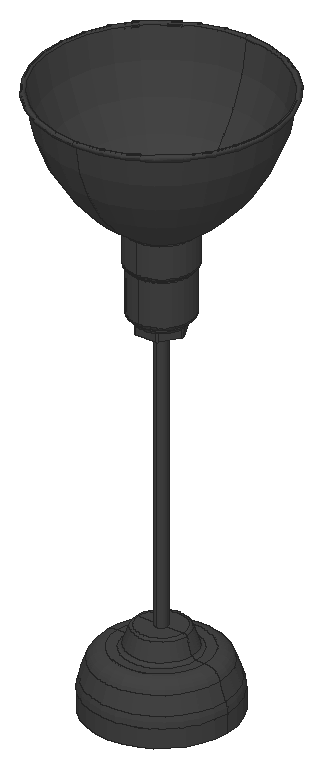
Revit family "BLE-S-DBW-E26", category Lighting Fixtures, host Face, Revit 2022
Family settings
  Host = Face
  Round Connector Dimension = Use Diameter
  Part Type = Normal
  Cut with Voids When Loaded = No
  Light Source = Yes
  Maintain Annotation Orientation = No
  Shared = No
  Room Calculation Point = No
Parameters (values of type "10" 1/2" Stem Large Base")
  Wattage = 5.72229 W
  built-in parameter 1150110 = 1 (stored number, unit not read)
  built-in parameter 1114217 = 1 (stored number, unit not read)
  Tilt Angle = 0.00°
  built-in parameter 1150109 = 1 (stored number, unit not read)
  built-in parameter 1150134 = (empty or 0)
  built-in parameter 1150113 = 1 (stored number, unit not read)
  Stem Length Multiplier = 2
  SUB-0062 = no
  STM-75XX = no
  STM-50XX = yes
  SHD-0189 = yes
  Photometric Web File = "generic"
  built-in parameter 1150142 = (empty or 0)
  Min Length = 0' - 6"
  Max Length = 4' - 0"
  built-in parameter 1150105 = 67.641 (stored number, unit not read)
  Lumens = 850 lm
  built-in parameter 1150115 = 1 (stored number, unit not read)
  built-in parameter 1150137 = (empty or 0)
  built-in parameter 1150139 = (empty or 0)
  Length Calc = Stem Length Multiplier * 0' 6"  # 1' - 0"
  built-in parameter 1150112 = 1 (stored number, unit not read)
  built-in parameter 1150114 = 1 (stored number, unit not read)
  built-in parameter 1150132 = 2
  built-in parameter 1150102 = (empty or 0)
  built-in parameter 1150107 = 3000 (stored number, unit not read)
  built-in parameter 1150138 = (empty or 0)
  built-in parameter 1150106 = 0.67641 (stored number, unit not read)
  Emit from Line Length = 2' - 0"
  built-in parameter 1150104 = 13.8 (stored number, unit not read)
  Dimming Lamp Color Temperature Shift = <None>
  Color Filter = 16777215
  CAN-5001 = no
  Base Height = 0' - 3 11/32"
  built-in parameter 1114218 = 1 (stored number, unit not read)
  built-in parameter 1150133 = 10 (stored number, unit not read)
  Actual Stem Length = if(Length Calc < Min Length, Min Length, if(Length Calc < Max Length, Length Calc, 4' 0"))  # 1' - 0"
  Stem Material = 100 - Black
  Shade Material = 100 - Black
  Default Elevation = 4' - 0"
  Base Material = 100 - Black
  24" = no
  20" = no
  16" = no
  14" = no
  12" = no
  10" = yes
Reference planes (in)
  plane 1 "Center (Front/Back)": y = 0
  plane 2: z = 0
  plane 3 "Center (Left/Right)": x = 0
Lines and regions (in)
  reference lines
    curve 1: line (0, 37, 0) -> (0, -36, 0)
    curve 2: line (-38, 0, 0) -> (34, 0, 0)
    curve 3: line (-1.9164, 0, 3.34375) -> (2.0836, 0, 3.34375)
    curve 4: line (-9.09337, 0, 15.34375) -> (9.90663, 0, 15.34375)
Dimensions and locks (in)
  "Base Height": curve 3 to host face
  locked: imposter light to curve 4 at 4.625
  "Actual Stem Length": curve 4 to curve 3
  aligned and locked: plane 2 to host face
  aligned and locked: level to host face
  aligned and locked: plane 3 "Center (Left/Right)" to nested 1
  aligned and locked: plane 1 "Center (Front/Back)" to nested 1
  aligned and locked: nested 2 to plane 1 "Center (Front/Back)"
  aligned and locked: plane 1 "Center (Front/Back)" to nested 3
  aligned and locked: plane 3 "Center (Left/Right)" to nested 3
  aligned and locked: plane 1 "Center (Front/Back)" to nested 4
  aligned and locked: plane 3 "Center (Left/Right)" to nested 4
  aligned and locked: plane 3 "Center (Left/Right)" to imposter light
  aligned and locked: imposter light to plane 1 "Center (Front/Back)"
  aligned and locked: nested 2 to plane 3 "Center (Left/Right)"
  aligned and locked: nested 5 to imposter light
  aligned and locked: imposter light to nested 5
  aligned and locked: plane 3 "Center (Left/Right)" to nested 6
  aligned and locked: plane 1 "Center (Front/Back)" to nested 6
  aligned and locked: imposter light to nested 8
  aligned and locked: nested 8 to imposter light
Automatic sketch dimensions
  host sketch curve to host sketch curve = 8' - 0"  (x2)
  plane 1 "Center (Front/Back)" to curve 2 = 0' - 0"
  curve 1 to plane 3 "Center (Left/Right)" = 0' - 0"
  curve 2 to plane 3 "Center (Left/Right)" = 3' - 2"
  plane 3 "Center (Left/Right)" to curve 2 = 2' - 10"
  plane 1 "Center (Front/Back)" to curve 1 = 3' - 0"
  curve 1 to plane 1 "Center (Front/Back)" = 3' - 1"
  curve 4 to plane 3 "Center (Left/Right)" = 0' - 9.09337"
  curve 3 to plane 3 "Center (Left/Right)" = 0' - 1.9164"
  plane 3 "Center (Left/Right)" to curve 3 = 0' - 2.0836"
  plane 3 "Center (Left/Right)" to curve 4 = 0' - 9.90663"
Nested families (in)
  nested 1: "SUB-0062" at (0, 0, 0), type "SUB-0062"
    with SUB-0062 no
  nested 2: "STM-50XX" at (0, 0, 3.34375) x (0, -1, 0) z (0, 0, 1), type "STM-50XX"
    with STM-50XX yes
  nested 3: "SHD-0189" at (0, 0, 0), type "SHD-0189"
  nested 4: "CAN-5001" at (0, 0, 0), type "CAN-5001"
    with CAN-5001 no
  nested 5: "103264" at (0, 0, 15.34375), type "103264"
    with Heat Sink 9" no
  nested 6: "STM-75XX" at (0, 0, 3.34375), type "STM-75XX"
    with Stem Length 1' - 0", STM-75XX no
  nested 7: "DBW Shade" at (0, 0, 15.99243) x (0, 1, 0) z (0, 0, 1), type "DBW Shade"
    with 24" no, 20" no, 16" no, 14" no, 12" no
  nested 8: "CPL-0004" at (0, 0, 15.34225) x (-1, 0, 0) z (0, 0, 1), type "CPL-0004"
  nested 9: "E26 Socket Assy" at (0, 0, 16.03149) x (0, 1, 0) z (0, 0, 1), type "E26 Socket Assy"
  nested 10: "E26 Bulb" at (0, -0.03394, 18.28648) x (-1, 0, 0) z (0, 0, 1), type "E26 Bulb"
Connectors (in)
  electrical at (0, 0, 0)
    settings: index 1, voltage 0 V, apparent load 0 VA, apparent load phase1 0 VA, apparent load phase2 0 VA, apparent load phase3 0 VA, power factor 1, load classification "Other", number of poles 1, system type 31, power factor state 1, is connector primary yes, connector utility no, sub classification motor no, connector description ""
Definition of nested family "STM-50XX"
  Parameters (values of type "12"")
    Stem Material = none
    Stem Length = 0' - 10 3/4"
    STM-50XX = yes
    Default Elevation = 2' - 0"
  Types (7): name | Stem Length | STM-50XX | Default Elevation
    6" | 0' - 4 3/4" | yes | 2' - 0"
    12" | 0' - 10 3/4" | yes | 2' - 0"
    18" | 1' - 4 3/4" | yes | 2' - 0"
    24" | 1' - 10 3/4" | yes | 2' - 0"
    36" | 2' - 10 3/4" | yes | 2' - 0"
    48" | 3' - 10 3/4" | yes | 2' - 0"
    STM-50XX | 1' - 0" | no | 3' - 0"
  Reference planes (in)
    plane 1 "Center (Front/Back)": y = 0
    plane 2: z = -0.0015
    plane 3 "Center (Left/Right)": x = 0
    plane 4 "Wood Height": z = -0.0015
    plane 5: z = 10.7485
  Forms (in)
    Extrusion 1, solid
      sketch origin (0, 0, 0) x (1, 0, 0) y (0, 1, 0)
        loop
          line (-48, 48) -> (-48, -48) -> (48, -48) -> (48, 48) -> (-48, 48)
      from -0.0015 to -12
    Extrusion 2, solid, material <- "Stem Material", visible <- "STM-50XX"
      sketch origin (0, 0, 0) x (1, 0, 0) y (0, 1, 0)
        loop
          circle (0, 0) r 0.25
      from 0 to 10.75 <- "Stem Length"
  Dimensions and locks (in)
    "Stem Length": plane 5 to Extrusion 1
    aligned and locked: plane 2 to Extrusion 1
    aligned and locked: level to Extrusion 1
    aligned and locked: Extrusion 1 to plane 4 "Wood Height"
    aligned and locked: plane 5 to Extrusion 2
  Automatic sketch dimensions
    Extrusion 1 sketch curve to Extrusion 1 sketch curve = 8' - 0"  (x2)
    plane 1 "Center (Front/Back)" to Extrusion 2 sketch curve = 0' - 0"
    Extrusion 2 sketch curve to plane 3 "Center (Left/Right)" = 0' - 0"
    radius of Extrusion 2 sketch curve = 0' - 0 1/4"
Definition of nested family "SHD-0189"
  Parameters (values of type "SHD-0189")
    SHD-0189 = yes
    Default Elevation = 3' - 0"
    Base Material = none
  Reference planes (in)
    plane 1 "Center (Front/Back)": y = 0
    plane 2: z = 0
    plane 3 "Center (Left/Right)": x = 0
    plane 4: y = -1.135
    plane 5: x = -3.012
    plane 6: z = 0.932
    plane 7: x = -2.931
    plane 8: z = 1.247
    plane 9: z = 1.967
    plane 10: x = -2.669
    plane 11: x = -1.992
    plane 12: z = 2.441
    plane 13: x = -1.566
    plane 14: z = 2.564
    plane 15: x = -1.391
    plane 16: x = -1.137
    plane 17: z = 3.261
    plane 18: x = -1.019
    plane 19: z = 3.344
  Forms (in)
    Extrusion 1, solid
      sketch origin (0, 0, 0) x (1, 0, 0) y (0, 1, 0)
        loop
          line (-48, 48) -> (-48, -48) -> (48, -48) -> (48, 48) -> (-48, 48)
      from 0 to -12
    Revolve 2, solid, material <- "Base Material", visible <- "SHD-0189"
      sketch origin (0, 0, 0) x (1, 0, 0) y (0, 0, 1)
        loop
          line (-3.012, 0) -> (0, 0) -> (0, 3.344) -> (-1.01337, 3.344)
          arc (-1.01337, 3.344) -> (-1.08988, 3.31989) -> (-1.13873, 3.25626) r 0.13342
          line (-1.13873, 3.25626) -> (-1.39133, 2.56309)
          arc (-1.39133, 2.56309) -> (-1.45931, 2.47456) -> (-1.56577, 2.441) r 0.18566
          line (-1.56577, 2.441) -> (-1.98708, 2.441)
          arc (-1.98708, 2.441) -> (-2.40426, 2.30955) -> (-2.67072, 1.96268) r 0.7277
          line (-2.67072, 1.96268) -> (-2.93113, 1.2488)
          arc (-2.93113, 1.2488) -> (-2.99163, 1.02351) -> (-3.012, 0.79113) r 1.33552
          line (-3.012, 0.79113) -> (-3.012, 0)
        axis (0, 3.344) -> (0, 0)
      angle from 0 to 360
  Dimensions and locks (in)
    locked: plane 4 to plane 1 "Center (Front/Back)" at 1.135
    locked: plane 3 "Center (Left/Right)" to plane 18 at 1.019
    locked: plane 3 "Center (Left/Right)" to plane 13 at 1.566
    plane 5 to plane 3 "Center (Left/Right)" = 0' - 3.012"
    locked: plane 6 to Extrusion 1 at 0.932
    locked: plane 8 to plane 6 at 0.315
    locked: plane 9 to plane 8 at 0.72
    locked: plane 12 to plane 9 at 0.474
    locked: plane 14 to plane 12 at 0.123
    locked: plane 17 to plane 14 at 0.697
    locked: plane 19 to plane 17 at 0.083
    locked: plane 18 to plane 16 at 0.118
    locked: plane 15 to plane 13 at 0.175
    locked: plane 5 to plane 7 at 0.081
    locked: plane 10 to plane 7 at 0.262
    locked: plane 11 to plane 10 at 0.677
    aligned and locked: plane 2 to Extrusion 1
    aligned and locked: level to Extrusion 1
    aligned and locked: Revolve 2 sketch curve to plane 3 "Center (Left/Right)"
  Automatic sketch dimensions
    Extrusion 1 sketch curve to Extrusion 1 sketch curve = 8' - 0"  (x2)
    Revolve 2 sketch curve to level = 0' - 0"
    plane 5 to Revolve 2 sketch curve = 0' - 0"
    Revolve 2 sketch curve to plane 12 = 0' - 0"
    Revolve 2 sketch curve to plane 19 = 0' - 0"
    Revolve 2 sketch curve to plane 3 "Center (Left/Right)" = 0' - 0"
    Revolve 2 sketch curve to plane 7 = 0' - 0.00013"
    Revolve 2 sketch curve to plane 10 = 0' - 0.00172"
    plane 11 to Revolve 2 sketch curve = 0' - 0.00492"
    Revolve 2 sketch curve to plane 13 = 0' - 0.11048"
    plane 13 to Revolve 2 sketch curve = 0' - 0.00023"
    Revolve 2 sketch curve to plane 15 = 0' - 0.00033"
    Revolve 2 sketch curve to plane 16 = 0' - 0.00173"
    plane 18 to Revolve 2 sketch curve = 0' - 0.00563"
    Revolve 2 sketch curve to Revolve 2 sketch curve = 0' - 1.82253"
    Revolve 2 sketch curve to Revolve 2 sketch curve = 0' - 3 1/4"
Definition of nested family "DBW Shade"
  Parameters (values of type "DBW Shade")
    Shade Material = none
    Default Elevation = 2' - 0"
    24" = yes
    20" = yes
    10" = yes
    16" = yes
    14" = yes
    12" = yes
  Reference planes (in)
    plane 1 "Center (Front/Back)": y = 0
    plane 2: z = 0
    plane 3 "Center (Left/Right)": x = 0
  Forms (in)
    Extrusion 1, solid
      sketch origin (0, 0, 0) x (1, 0, 0) y (0, 1, 0)
        loop
          line (-48, 48) -> (-48, -48) -> (48, -48) -> (48, 48) -> (-48, 48)
      from 0 to -12
  Dimensions and locks (in)
    aligned and locked: plane 2 to Extrusion 1
    aligned and locked: level to Extrusion 1
    aligned and locked: plane 1 "Center (Front/Back)" to nested 1
    aligned and locked: plane 3 "Center (Left/Right)" to nested 1
    aligned and locked: plane 3 "Center (Left/Right)" to nested 2
    aligned and locked: plane 1 "Center (Front/Back)" to nested 2
    aligned and locked: plane 1 "Center (Front/Back)" to nested 3
    aligned and locked: plane 3 "Center (Left/Right)" to nested 3
    aligned and locked: plane 1 "Center (Front/Back)" to nested 4
    aligned and locked: plane 1 "Center (Front/Back)" to nested 5
    aligned and locked: plane 3 "Center (Left/Right)" to nested 5
    aligned and locked: plane 3 "Center (Left/Right)" to nested 6
    aligned and locked: plane 1 "Center (Front/Back)" to nested 6
    aligned and locked: plane 3 "Center (Left/Right)" to nested 4
  Nested families (in)
    nested 1: "SHD-0028" at (0, 0, 0), visible <- "10"", type "SHD-0028"
    nested 2: "SHD-0029" at (0, 0, 0), visible <- "12"", type "SHD-0029"
    nested 3: "SHD-0114" at (0, 0, 0), visible <- "14"", type "SHD-0114"
    nested 4: "SHD-0115" at (0, 0, 0), visible <- "16"", type "SHD-0115"
    nested 5: "SHD-0308" at (0, 0, 0), visible <- "24"", type "SHD-0308"
    nested 6: "SHD-0223" at (0, 0, 0), visible <- "20"", type "SHD-0223"
  Definition of nested family "SHD-0028"
    Parameters (values of type "SHD-0028")
      Shade Material = none
      Default Elevation = 2' - 0"
    Reference planes (in)
      plane 1 "Center (Front/Back)": y = 0
      plane 2: z = 0
      plane 3 "Center (Left/Right)": x = 0
      plane 4 "Wood Height": z = 0
      plane 5 "Nut Radius": x = -1.03713
      plane 6 "Nut Flat": x = -0.861
      plane 7 "Shade Thickness": z = 0.04
      plane 8 "Lower Shade bottom": z = 9.109
      plane 9 "Lower Shade Outer Dia": x = -5
      plane 10 "Shade Top Dia": x = -1.20713
      plane 11 "Shade Middle Radius Height1": z = 1.965
      plane 12 "Shade Lower Diameter1": x = -1.44113
      plane 13 "Shade Top Radius": x = -1.29713
      plane 14 "Shade Middle Radious Height2": z = 2.105
      plane 15 "Shade Middle Radius Diameter2": x = -1.41363
      plane 16 "Lip Height": z = 9.029
      plane 17 "Bowl Start": z = 3.545
      plane 18: x = -4.85
      plane 19: z = 9.069
    Forms (in)
      Extrusion 1, solid
        sketch origin (0, 0, 0) x (1, 0, 0) y (0, 1, 0)
          loop
            line (-48, 48) -> (-48, -48) -> (48, -48) -> (48, 48) -> (-48, 48)
        from 0 to -12
      Revolve 2, solid, material <- "Shade Material"
        sketch origin (0, 0, 0) x (1, 0, 0) y (0, 0, 1)
          loop
            line (0, 0) -> (0, 0.03906) -> (-1.20713, 0.03906)
            arc (-1.20713, 0.03906) -> (-1.24314, 0.05398) -> (-1.25806, 0.09) r 0.05094
            line (-1.25806, 0.09) -> (-1.25806, 1.94384)
            arc (-1.25806, 1.94384) -> (-1.26409, 1.97759) -> (-1.28141, 2.00717) r 0.09757
            line (-1.28141, 2.00717) -> (-1.37456, 2.11635) -> (-1.37456, 3.48096)
            arc (-1.37456, 3.48096) -> (-1.39014, 3.54099) -> (-1.43295, 3.58588) r 0.12347
            arc (-1.43295, 3.58588) -> (-3.7536, 5.90437) -> (-4.80544, 9.01154) r 7.20294
            arc (-4.80544, 9.01154) -> (-4.99326, 9.04214) -> (-4.84504, 8.9228) r 0.09841
            line (-4.84504, 8.9228) -> (-4.86619, 8.95581)
            arc (-4.86619, 8.95581) -> (-4.95809, 9.02506) -> (-4.84432, 9.00777) r 0.05934
            arc (-4.84432, 9.00777) -> (-3.78678, 5.88375) -> (-1.45354, 3.55268) r 7.242
            arc (-1.45354, 3.55268) -> (-1.42428, 3.522) -> (-1.41363, 3.48096) r 0.0844
            line (-1.41363, 3.48096) -> (-1.41363, 2.13147)
            arc (-1.41363, 2.13147) -> (-1.40868, 2.10377) -> (-1.39446, 2.07949) r 0.08009
            line (-1.39446, 2.07949) -> (-1.31112, 1.98181)
            arc (-1.31112, 1.98181) -> (-1.30074, 1.96408) -> (-1.29713, 1.94384) r 0.0585
            line (-1.29713, 1.94384) -> (-1.29713, 0.09)
            arc (-1.29713, 0.09) -> (-1.27077, 0.02636) -> (-1.20713, 0) r 0.09
            line (-1.20713, 0) -> (0, 0)
          axis (0, 9.01154) -> (0, 0)
        angle from 0 to 360
    Dimensions and locks (in)
      locked: plane 6 "Nut Flat" to plane 3 "Center (Left/Right)" at 0.861
      locked: plane 7 "Shade Thickness" to plane 4 "Wood Height" at 0.04
      locked: plane 3 "Center (Left/Right)" to plane 9 "Lower Shade Outer Dia" at 5
      locked: plane 11 "Shade Middle Radius Height1" to plane 4 "Wood Height" at 1.965
      locked: plane 14 "Shade Middle Radious Height2" to plane 4 "Wood Height" at 2.105
      locked: plane 8 "Lower Shade bottom" to plane 16 "Lip Height" at 0.08
      locked: plane 17 "Bowl Start" to plane 4 "Wood Height" at 3.545
      locked: plane 18 to plane 9 "Lower Shade Outer Dia" at 0.15
      locked: plane 8 "Lower Shade bottom" to plane 19 at 0.04
      locked: plane 8 "Lower Shade bottom" to plane 4 "Wood Height" at 9.109
      aligned and locked: plane 2 to Extrusion 1
      aligned and locked: level to Extrusion 1
      aligned and locked: plane 4 "Wood Height" to Revolve 2 sketch curve
      aligned and locked: plane 10 "Shade Top Dia" to Revolve 2 sketch curve
      aligned and locked: Revolve 2 sketch curve to plane 15 "Shade Middle Radius Diameter2"
      aligned and locked: Revolve 2 sketch curve to plane 13 "Shade Top Radius"
      aligned and locked: Extrusion 1 to plane 4 "Wood Height"
    Automatic sketch dimensions
      Extrusion 1 sketch curve to Extrusion 1 sketch curve = 8' - 0"  (x2)
      Revolve 2 sketch curve to Revolve 2 sketch curve = 0' - 0"  (x12)
      Revolve 2 sketch curve to plane 3 "Center (Left/Right)" = 0' - 0"  (x2)
      plane 18 to Revolve 2 sketch curve = 0' - 0.00496"
      Revolve 2 sketch curve to plane 18 = 0' - 0.01619"
      plane 15 "Shade Middle Radius Diameter2" to Revolve 2 sketch curve = 0' - 0.01916"
      plane 14 "Shade Middle Radious Height2" to Revolve 2 sketch curve = 0' - 0.01135"
      plane 15 "Shade Middle Radius Diameter2" to Revolve 2 sketch curve = 0' - 0 5/128"
      Revolve 2 sketch curve to plane 11 "Shade Middle Radius Height1" = 0' - 0.02116"
      plane 15 "Shade Middle Radius Diameter2" to Revolve 2 sketch curve = 0' - 0.058"
      plane 14 "Shade Middle Radious Height2" to Revolve 2 sketch curve = 0' - 0.02647"
      Revolve 2 sketch curve to plane 13 "Shade Top Radius" = 0' - 0.01572"
      Revolve 2 sketch curve to Revolve 2 sketch curve = 0' - 0 5/128"
      Revolve 2 sketch curve to plane 17 "Bowl Start" = 0' - 0.06404"
      plane 18 to Revolve 2 sketch curve = 0' - 0.00568"
      plane 17 "Bowl Start" to Revolve 2 sketch curve = 0' - 0.15101"
      Revolve 2 sketch curve to Revolve 2 sketch curve = 0' - 2.15863"
      Revolve 2 sketch curve to plane 12 "Shade Lower Diameter1" = 0' - 0.00818"
      Revolve 2 sketch curve to Revolve 2 sketch curve = 0' - 0.03888"  (x2)
      Revolve 2 sketch curve to Revolve 2 sketch curve = 0' - 0.03301"
      Revolve 2 sketch curve to Revolve 2 sketch curve = 0' - 0.02059"
      Revolve 2 sketch curve to Revolve 2 sketch curve = 0' - 0.03319"
  Definition of nested family "SHD-0029"
    Parameters (values of type "SHD-0029")
      Shade Material = none
      Default Elevation = 2' - 0"
    Reference planes (in)
      plane 1 "Center (Front/Back)": y = 0
      plane 2: z = 0
      plane 3 "Center (Left/Right)": x = 0
      plane 4 "Wood Height": z = 0
      plane 5 "Nut Radius": x = -1.03713
      plane 6 "Nut Flat": x = -0.861
      plane 7 "Shade Thickness": z = 0.04
      plane 8 "Shade Top Dia": x = -1.20713
      plane 9 "Shade Middle Radius Height1": z = 1.965
      plane 10 "Shade Lower Diameter1": x = -1.44113
      plane 11 "Shade Top Radius": x = -1.29713
      plane 12 "Shade Middle Radious Height2": z = 2.105
      plane 13 "Shade Middle Radius Diameter2": x = -1.41363
      plane 14 "Bowl Start": z = 3.545
    Forms (in)
      Extrusion 1, solid
        sketch origin (0, 0, 0) x (1, 0, 0) y (0, 1, 0)
          loop
            line (-48, 48) -> (-48, -48) -> (48, -48) -> (48, 48) -> (-48, 48)
        from 0 to -12
      Revolve 2, solid, material <- "Shade Material"
        sketch origin (0, 0, 0) x (1, 0, 0) y (0, 0, 1)
          loop
            line (0, 0) -> (0, 0.03906) -> (-1.20713, 0.03906)
            arc (-1.20713, 0.03906) -> (-1.24314, 0.05398) -> (-1.25806, 0.09) r 0.05094
            line (-1.25806, 0.09) -> (-1.25806, 1.94384)
            arc (-1.25806, 1.94384) -> (-1.26409, 1.97759) -> (-1.28141, 2.00717) r 0.09757
            line (-1.28141, 2.00717) -> (-1.37456, 2.11635) -> (-1.37456, 3.49488)
            arc (-1.37456, 3.49488) -> (-1.3856, 3.54027) -> (-1.41623, 3.57553) r 0.09889
            arc (-1.41623, 3.57553) -> (-4.2546, 6.22323) -> (-5.80711, 9.7808) r 9.56481
            arc (-5.80711, 9.7808) -> (-5.99536, 9.79563) -> (-5.84506, 9.68132) r 0.09841
            line (-5.84506, 9.68132) -> (-5.86621, 9.71432)
            arc (-5.86621, 9.71432) -> (-5.9593, 9.78052) -> (-5.84534, 9.77276) r 0.05934
            arc (-5.84534, 9.77276) -> (-4.28694, 6.2013) -> (-1.43786, 3.54296) r 9.60387
            arc (-1.43786, 3.54296) -> (-1.42003, 3.5218) -> (-1.41363, 3.49488) r 0.05982
            line (-1.41363, 3.49488) -> (-1.41363, 2.13147)
            arc (-1.41363, 2.13147) -> (-1.40868, 2.10377) -> (-1.39446, 2.07949) r 0.08009
            line (-1.39446, 2.07949) -> (-1.31112, 1.98181)
            arc (-1.31112, 1.98181) -> (-1.30074, 1.96408) -> (-1.29713, 1.94384) r 0.0585
            line (-1.29713, 1.94384) -> (-1.29713, 0.09)
            arc (-1.29713, 0.09) -> (-1.27077, 0.02636) -> (-1.20713, 0) r 0.09
            line (-1.20713, 0) -> (0, 0)
          axis (0, 9.7808) -> (0, 0)
        angle from 0 to 360
    Dimensions and locks (in)
      locked: plane 6 "Nut Flat" to plane 3 "Center (Left/Right)" at 0.861
      locked: plane 7 "Shade Thickness" to plane 4 "Wood Height" at 0.04
      locked: plane 9 "Shade Middle Radius Height1" to plane 4 "Wood Height" at 1.965
      locked: plane 12 "Shade Middle Radious Height2" to plane 4 "Wood Height" at 2.105
      locked: plane 14 "Bowl Start" to plane 4 "Wood Height" at 3.545
      aligned and locked: plane 2 to Extrusion 1
      aligned and locked: level to Extrusion 1
      aligned and locked: plane 4 "Wood Height" to Revolve 2 sketch curve
      aligned and locked: plane 8 "Shade Top Dia" to Revolve 2 sketch curve
      aligned and locked: Revolve 2 sketch curve to plane 13 "Shade Middle Radius Diameter2"
      aligned and locked: Revolve 2 sketch curve to plane 11 "Shade Top Radius"
      aligned and locked: Extrusion 1 to plane 4 "Wood Height"
    Automatic sketch dimensions
      Extrusion 1 sketch curve to Extrusion 1 sketch curve = 8' - 0"  (x2)
      Revolve 2 sketch curve to Revolve 2 sketch curve = 0' - 0"  (x15)
      Revolve 2 sketch curve to plane 3 "Center (Left/Right)" = 0' - 0"  (x2)
      plane 10 "Shade Lower Diameter1" to Revolve 2 sketch curve = 0' - 0.03232"
      Revolve 2 sketch curve to Revolve 2 sketch curve = 0' - 0.02115"
      Revolve 2 sketch curve to Revolve 2 sketch curve = 0' - 0.0372"
      plane 13 "Shade Middle Radius Diameter2" to Revolve 2 sketch curve = 0' - 0.01916"
      plane 12 "Shade Middle Radious Height2" to Revolve 2 sketch curve = 0' - 0.01135"
      plane 13 "Shade Middle Radius Diameter2" to Revolve 2 sketch curve = 0' - 0 5/128"
      Revolve 2 sketch curve to plane 9 "Shade Middle Radius Height1" = 0' - 0.02116"
      plane 13 "Shade Middle Radius Diameter2" to Revolve 2 sketch curve = 0' - 0.058"
      plane 12 "Shade Middle Radious Height2" to Revolve 2 sketch curve = 0' - 0.02647"
      Revolve 2 sketch curve to plane 11 "Shade Top Radius" = 0' - 0.01572"
      Revolve 2 sketch curve to Revolve 2 sketch curve = 0' - 0 5/128"
      Revolve 2 sketch curve to plane 14 "Bowl Start" = 0' - 0.05012"
      Revolve 2 sketch curve to Revolve 2 sketch curve = 0' - 0.03301"
      Revolve 2 sketch curve to Revolve 2 sketch curve = 0' - 0.04623"
      Revolve 2 sketch curve to plane 13 "Shade Middle Radius Diameter2" = 0' - 0.00261"
      Revolve 2 sketch curve to plane 14 "Bowl Start" = 0' - 0.00204"
      plane 14 "Bowl Start" to Revolve 2 sketch curve = 0' - 0.15101"
      Revolve 2 sketch curve to Revolve 2 sketch curve = 0' - 2.15863"
      plane 10 "Shade Lower Diameter1" to Revolve 2 sketch curve = 0' - 4.40394"
      plane 3 "Center (Left/Right)" to Revolve 2 sketch curve = 0' - 3.5532"
      plane 14 "Bowl Start" to Revolve 2 sketch curve = 0' - 6.13632"
  Definition of nested family "SHD-0114"
    Parameters (values of type "SHD-0114")
      Shade Material = none
      Default Elevation = 2' - 0"
    Reference planes (in)
      plane 1 "Center (Front/Back)": y = 0
      plane 2: z = 0
      plane 3 "Center (Left/Right)": x = 0
      plane 4 "Wood Height": z = 0
    Forms (in)
      Extrusion 1, solid
        sketch origin (0, 0, 0) x (1, 0, 0) y (0, 1, 0)
          loop
            line (-48, 48) -> (-48, -48) -> (48, -48) -> (48, 48) -> (-48, 48)
        from 0 to -12
      Revolve 2, solid, material <- "Shade Material"
        sketch origin (0, 0, 0) x (1, 0, 0) y (0, 0, 1)
          loop
            line (0, 0) -> (0, 0.03906) -> (-1.45545, 0.03906)
            arc (-1.45545, 0.03906) -> (-1.49164, 0.05405) -> (-1.50663, 0.09025) r 0.05119
            line (-1.50663, 0.09025) -> (-1.50663, 2.07228)
            arc (-1.50663, 2.07228) -> (-1.51325, 2.1034) -> (-1.53194, 2.12913) r 0.0765
            line (-1.53194, 2.12913) -> (-1.59895, 2.18946)
            arc (-1.59895, 2.18946) -> (-1.61737, 2.21483) -> (-1.62389, 2.24549) r 0.07539
            line (-1.62389, 2.24549) -> (-1.62389, 3.76049)
            arc (-1.62389, 3.76049) -> (-1.63985, 3.81863) -> (-1.68326, 3.86047) r 0.11386
            arc (-1.68326, 3.86047) -> (-5.12462, 6.95788) -> (-6.79993, 11.27416) r 9.99002
            arc (-6.79993, 11.27416) -> (-6.99505, 11.29998) -> (-6.84047, 11.17815) r 0.10205
            line (-6.84047, 11.17815) -> (-6.86365, 11.20959)
            arc (-6.86365, 11.20959) -> (-6.95906, 11.28479) -> (-6.83863, 11.26885) r 0.06299
            arc (-6.83863, 11.26885) -> (-5.15677, 6.93569) -> (-1.70196, 3.82617) r 10.02909
            arc (-1.70196, 3.82617) -> (-1.67344, 3.79868) -> (-1.66295, 3.76049) r 0.07479
            line (-1.66295, 3.76049) -> (-1.66295, 2.24549)
            arc (-1.66295, 2.24549) -> (-1.65306, 2.19894) -> (-1.62508, 2.16043) r 0.11445
            line (-1.62508, 2.16043) -> (-1.55808, 2.1001)
            arc (-1.55808, 2.1001) -> (-1.54893, 2.08751) -> (-1.54569, 2.07228) r 0.03743
            line (-1.54569, 2.07228) -> (-1.54569, 0.09025)
            arc (-1.54569, 0.09025) -> (-1.51926, 0.02643) -> (-1.45545, 0) r 0.09025
            line (-1.45545, 0) -> (0, 0)
          axis (0, 11.27416) -> (0, 0)
        angle from 0 to 360
    Dimensions and locks (in)
      aligned and locked: plane 2 to Extrusion 1
      aligned and locked: level to Extrusion 1
      aligned and locked: Extrusion 1 to plane 4 "Wood Height"
    Automatic sketch dimensions
      Extrusion 1 sketch curve to Extrusion 1 sketch curve = 8' - 0"  (x2)
      Revolve 2 sketch curve to Revolve 2 sketch curve = 0' - 0"  (x25)
      Revolve 2 sketch curve to level = 0' - 0"
      Revolve 2 sketch curve to plane 3 "Center (Left/Right)" = 0' - 0"  (x2)
      Revolve 2 sketch curve to Revolve 2 sketch curve = 0' - 0.01239"
      Revolve 2 sketch curve to Revolve 2 sketch curve = 0' - 0.07479"
      Revolve 2 sketch curve to Revolve 2 sketch curve = 0' - 0.02318"
      Revolve 2 sketch curve to Revolve 2 sketch curve = 0' - 0.03738"
      Revolve 2 sketch curve to Revolve 2 sketch curve = 0' - 0.03144"
      Revolve 2 sketch curve to Revolve 2 sketch curve = 0' - 0.0507"
      Revolve 2 sketch curve to Revolve 2 sketch curve = 0' - 0.01869"  (x2)
      Revolve 2 sketch curve to Revolve 2 sketch curve = 0' - 2.15863"
      plane 3 "Center (Left/Right)" to Revolve 2 sketch curve = 0' - 3.09734"
      Revolve 2 sketch curve to Revolve 2 sketch curve = 0' - 0.02614"
      Revolve 2 sketch curve to Revolve 2 sketch curve = 0' - 0 5/128"  (x2)
      Revolve 2 sketch curve to Revolve 2 sketch curve = 0' - 1.45545"
      Revolve 2 sketch curve to Revolve 2 sketch curve = 0' - 0.05119"
      Revolve 2 sketch curve to Revolve 2 sketch curve = 0' - 0.02531"
      Revolve 2 sketch curve to Revolve 2 sketch curve = 0' - 0.01656"
      Revolve 2 sketch curve to Revolve 2 sketch curve = 0' - 0.02505"
      Revolve 2 sketch curve to Revolve 2 sketch curve = 0' - 0.05045"
      Revolve 2 sketch curve to plane 3 "Center (Left/Right)" = 0' - 6.84047"
      Revolve 2 sketch curve to Revolve 2 sketch curve = 0' - 1.98204"
      Revolve 2 sketch curve to Revolve 2 sketch curve = 0' - 1.515"
      Revolve 2 sketch curve to Revolve 2 sketch curve = 0' - 7.41765"
      Revolve 2 sketch curve to Revolve 2 sketch curve = 0' - 0.06448"
  Definition of nested family "SHD-0115"
    Parameters (values of type "SHD-0115")
      Shade Material = none
      Default Elevation = 2' - 0"
    Reference planes (in)
      plane 1 "Center (Front/Back)": y = 0
      plane 2: z = 0
      plane 3 "Center (Left/Right)": x = 0
      plane 4 "Wood Height": z = 0
    Forms (in)
      Extrusion 1, solid
        sketch origin (0, 0, 0) x (1, 0, 0) y (0, 1, 0)
          loop
            line (-48, 48) -> (-48, -48) -> (48, -48) -> (48, 48) -> (-48, 48)
        from 0 to -12
      Revolve 2, solid, material <- "Shade Material"
        sketch origin (0, 0, 0) x (1, 0, 0) y (0, 0, 1)
          loop
            line (0, 0) -> (0, 0.03906) -> (-1.45545, 0.03906)
            arc (-1.45545, 0.03906) -> (-1.49164, 0.05405) -> (-1.50663, 0.09025) r 0.05119
            line (-1.50663, 0.09025) -> (-1.50663, 2.07228)
            arc (-1.50663, 2.07228) -> (-1.51325, 2.1034) -> (-1.53194, 2.12913) r 0.0765
            line (-1.53194, 2.12913) -> (-1.59895, 2.18946)
            arc (-1.59895, 2.18946) -> (-1.61737, 2.21483) -> (-1.62389, 2.24549) r 0.07539
            line (-1.62389, 2.24549) -> (-1.62389, 3.76049)
            arc (-1.62389, 3.76049) -> (-1.64115, 3.82076) -> (-1.6877, 3.86276) r 0.11386
            arc (-1.6877, 3.86276) -> (-5.9143, 7.51176) -> (-7.79992, 12.76759) r 10.98102
            arc (-7.79992, 12.76759) -> (-7.99459, 12.80067) -> (-7.84102, 12.67655) r 0.10205
            line (-7.84102, 12.67655) -> (-7.8642, 12.70799)
            arc (-7.8642, 12.70799) -> (-7.95899, 12.7846) -> (-7.83883, 12.76418) r 0.06299
            arc (-7.83883, 12.76418) -> (-5.94651, 7.48965) -> (-1.70487, 3.82767) r 11.02008
            arc (-1.70487, 3.82767) -> (-1.67429, 3.80009) -> (-1.66295, 3.76049) r 0.07479
            line (-1.66295, 3.76049) -> (-1.66295, 2.24549)
            arc (-1.66295, 2.24549) -> (-1.65306, 2.19894) -> (-1.62508, 2.16043) r 0.11445
            line (-1.62508, 2.16043) -> (-1.55808, 2.1001)
            arc (-1.55808, 2.1001) -> (-1.54893, 2.08751) -> (-1.54569, 2.07228) r 0.03743
            line (-1.54569, 2.07228) -> (-1.54569, 0.09025)
            arc (-1.54569, 0.09025) -> (-1.51926, 0.02643) -> (-1.45545, 0) r 0.09025
            line (-1.45545, 0) -> (0, 0)
          axis (0, 12.76759) -> (0, 0)
        angle from 0 to 360
    Dimensions and locks (in)
      aligned and locked: plane 2 to Extrusion 1
      aligned and locked: level to Extrusion 1
      aligned and locked: Extrusion 1 to plane 4 "Wood Height"
    Automatic sketch dimensions
      Extrusion 1 sketch curve to Extrusion 1 sketch curve = 8' - 0"  (x2)
      Revolve 2 sketch curve to Revolve 2 sketch curve = 0' - 0"  (x16)
      Revolve 2 sketch curve to level = 0' - 0"
      Revolve 2 sketch curve to plane 3 "Center (Left/Right)" = 0' - 0"  (x2)
      Revolve 2 sketch curve to Revolve 2 sketch curve = 0' - 1.45545"
      Revolve 2 sketch curve to plane 3 "Center (Left/Right)" = 0' - 1.50663"
      Revolve 2 sketch curve to Revolve 2 sketch curve = 0' - 0.02531"
      Revolve 2 sketch curve to Revolve 2 sketch curve = 0' - 0 5/128"
      Revolve 2 sketch curve to Revolve 2 sketch curve = 0' - 0.01656"
      Revolve 2 sketch curve to Revolve 2 sketch curve = 0' - 0.01239"
      Revolve 2 sketch curve to Revolve 2 sketch curve = 0' - 0.02505"
      Revolve 2 sketch curve to Revolve 2 sketch curve = 0' - 0.05045"
      Revolve 2 sketch curve to Revolve 2 sketch curve = 0' - 0.02494"
      Revolve 2 sketch curve to Revolve 2 sketch curve = 0' - 0.02614"
      Revolve 2 sketch curve to Revolve 2 sketch curve = 0' - 0.07479"
      Revolve 2 sketch curve to Revolve 2 sketch curve = 0' - 0.02318"
      Revolve 2 sketch curve to Revolve 2 sketch curve = 0' - 0.03738"
      plane 3 "Center (Left/Right)" to Revolve 2 sketch curve = 0' - 3.13919"
      Revolve 2 sketch curve to Revolve 2 sketch curve = 0' - 1.98204"
      Revolve 2 sketch curve to Revolve 2 sketch curve = 0' - 1.515"
      Revolve 2 sketch curve to Revolve 2 sketch curve = 0' - 0.03144"
      Revolve 2 sketch curve to Revolve 2 sketch curve = 0' - 0.0507"
      Revolve 2 sketch curve to Revolve 2 sketch curve = 0' - 1.04947"
      Revolve 2 sketch curve to Revolve 2 sketch curve = 0' - 0.03891"
      Revolve 2 sketch curve to Revolve 2 sketch curve = 0' - 0.06448"
      Revolve 2 sketch curve to Revolve 2 sketch curve = 0' - 2.15863"
  Definition of nested family "SHD-0308"
    Parameters (values of type "SHD-0308")
      Shade Material = none
      Default Elevation = 2' - 0"
    Reference planes (in)
      plane 1 "Center (Front/Back)": y = 0
      plane 2: z = 0
      plane 3 "Center (Left/Right)": x = 0
      plane 4 "Wood Height": z = 0
    Forms (in)
      Extrusion 1, solid
        sketch origin (0, 0, 0) x (1, 0, 0) y (0, 1, 0)
          loop
            line (-48, 48) -> (-48, -48) -> (48, -48) -> (48, 48) -> (-48, 48)
        from 0 to -12
      Revolve 2, solid, material <- "Shade Material"
        sketch origin (0, 0, 0) x (1, 0, 0) y (0, 0, 1)
          loop
            line (0, 0) -> (0, 0.03906) -> (-2.22237, 0.03906)
            arc (-2.22237, 0.03906) -> (-2.2742, 0.06053) -> (-2.29567, 0.11236) r 0.0733
            line (-2.29567, 0.11236) -> (-2.29567, 3.09806)
            arc (-2.29567, 3.09806) -> (-2.30835, 3.16758) -> (-2.34475, 3.22814) r 0.19691
            line (-2.34475, 3.22814) -> (-2.42725, 3.32189)
            arc (-2.42725, 3.32189) -> (-2.46224, 3.38009) -> (-2.47442, 3.4469) r 0.18923
            line (-2.47442, 3.4469) -> (-2.47442, 5.72055)
            arc (-2.47442, 5.72055) -> (-2.4994, 5.80773) -> (-2.56677, 5.86845) r 0.16462
            arc (-2.56677, 5.86845) -> (-9.0535, 11.47959) -> (-11.91654, 19.56448) r 16.76616
            arc (-11.91654, 19.56448) -> (-11.93143, 19.59499) -> (-11.96306, 19.60734) r 0.04667
            line (-11.96306, 19.60734) -> (-12.00319, 19.60734)
            arc (-12.00319, 19.60734) -> (-12.07667, 19.53386) -> (-12.00319, 19.46037) r 0.07348
            line (-12.00319, 19.46037) -> (-11.96309, 19.46037) -> (-11.96309, 19.49944) -> (-12.00319, 19.49944)
            arc (-12.00319, 19.49944) -> (-12.03761, 19.53386) -> (-12.00319, 19.56828) r 0.03442
            line (-12.00319, 19.56828) -> (-11.95604, 19.56828)
            arc (-11.95604, 19.56828) -> (-9.08774, 11.46046) -> (-2.58392, 5.83336) r 16.80523
            arc (-2.58392, 5.83336) -> (-2.53254, 5.78704) -> (-2.51348, 5.72055) r 0.12556
            line (-2.51348, 5.72055) -> (-2.51348, 3.4469)
            arc (-2.51348, 3.4469) -> (-2.49878, 3.3663) -> (-2.45658, 3.29609) r 0.22829
            line (-2.45658, 3.29609) -> (-2.37408, 3.20234)
            arc (-2.37408, 3.20234) -> (-2.34489, 3.15379) -> (-2.33473, 3.09806) r 0.15785
            line (-2.33473, 3.09806) -> (-2.33473, 0.11236)
            arc (-2.33473, 0.11236) -> (-2.30182, 0.03291) -> (-2.22237, 0) r 0.11236
            line (-2.22237, 0) -> (0, 0)
          axis (0, 19.60734) -> (0, 0)
        angle from 0 to 360
    Dimensions and locks (in)
      aligned and locked: plane 2 to Extrusion 1
      aligned and locked: level to Extrusion 1
      aligned and locked: Extrusion 1 to plane 4 "Wood Height"
    Automatic sketch dimensions
      Extrusion 1 sketch curve to Extrusion 1 sketch curve = 8' - 0"  (x2)
      Revolve 2 sketch curve to Revolve 2 sketch curve = 0' - 0"  (x24)
      Revolve 2 sketch curve to level = 0' - 0"
      Revolve 2 sketch curve to plane 3 "Center (Left/Right)" = 0' - 0"  (x2)
      Revolve 2 sketch curve to Revolve 2 sketch curve = 0' - 0.01047"
      Revolve 2 sketch curve to Revolve 2 sketch curve = 0' - 0.01002"
      Revolve 2 sketch curve to Revolve 2 sketch curve = 0' - 0.02933"  (x2)
      Revolve 2 sketch curve to Revolve 2 sketch curve = 0' - 0.04717"
      Revolve 2 sketch curve to Revolve 2 sketch curve = 0' - 0.12556"
      Revolve 2 sketch curve to Revolve 2 sketch curve = 0' - 0.00701"
      Revolve 2 sketch curve to Revolve 2 sketch curve = 0' - 0.00004"
      Revolve 2 sketch curve to Revolve 2 sketch curve = 0' - 0.04013"
      plane 3 "Center (Left/Right)" to Revolve 2 sketch curve = 0' - 4.79372"
      Revolve 2 sketch curve to Revolve 2 sketch curve = 0' - 0 5/128"  (x2)
      Revolve 2 sketch curve to Revolve 2 sketch curve = 0' - 2.9857"
      Revolve 2 sketch curve to Revolve 2 sketch curve = 0' - 2.27365"
      Revolve 2 sketch curve to Revolve 2 sketch curve = 0' - 0.03442"
      Revolve 2 sketch curve to Revolve 2 sketch curve = 0' - 0.00761"
      Revolve 2 sketch curve to Revolve 2 sketch curve = 0' - 0.24911"
      Revolve 2 sketch curve to Revolve 2 sketch curve = 0' - 2.15863"
      Revolve 2 sketch curve to Revolve 2 sketch curve = 0' - 2.22237"
      Revolve 2 sketch curve to plane 3 "Center (Left/Right)" = 0' - 2.28519"
      Revolve 2 sketch curve to plane 3 "Center (Left/Right)" = 0' - 11.95604"
      Revolve 2 sketch curve to Revolve 2 sketch curve = 1' - 1.73983"
      Revolve 2 sketch curve to Revolve 2 sketch curve = 1' - 3.07792"
  Definition of nested family "SHD-0223"
    Parameters (values of type "SHD-0223")
      Shade Material = none
      Default Elevation = 2' - 0"
    Reference planes (in)
      plane 1 "Center (Front/Back)": y = 0
      plane 2: z = 0
      plane 3 "Center (Left/Right)": x = 0
      plane 4 "Wood Height": z = 0
    Forms (in)
      Extrusion 1, solid
        sketch origin (0, 0, 0) x (1, 0, 0) y (0, 1, 0)
          loop
            line (-48, 48) -> (-48, -48) -> (48, -48) -> (48, 48) -> (-48, 48)
        from 0 to -12
      Revolve 2, solid, material <- "Shade Material"
        sketch origin (0, 0, 0) x (1, 0, 0) y (0, 0, 1)
          loop
            line (0, 0) -> (0, 0.03906) -> (-1.8485, 0.03906)
            arc (-1.8485, 0.03906) -> (-1.88896, 0.05582) -> (-1.90572, 0.09628) r 0.05722
            line (-1.90572, 0.09628) -> (-1.90572, 2.57881)
            arc (-1.90572, 2.57881) -> (-1.9168, 2.64011) -> (-1.94865, 2.69364) r 0.17504
            line (-1.94865, 2.69364) -> (-2.01787, 2.77327)
            arc (-2.01787, 2.77327) -> (-2.04498, 2.81883) -> (-2.05441, 2.871) r 0.14898
            line (-2.05441, 2.871) -> (-2.05441, 4.7663)
            arc (-2.05441, 4.7663) -> (-2.07634, 4.84285) -> (-2.13548, 4.89618) r 0.14458
            arc (-2.13548, 4.89618) -> (-7.53748, 9.56968) -> (-9.92412, 16.30223) r 13.97395
            arc (-9.92412, 16.30223) -> (-9.93712, 16.32887) -> (-9.96474, 16.33964) r 0.04076
            line (-9.96474, 16.33964) -> (-10.00281, 16.33964)
            arc (-10.00281, 16.33964) -> (-10.06432, 16.27814) -> (-10.00281, 16.21663) r 0.06151
            line (-10.00281, 16.21663) -> (-9.96563, 16.21663) -> (-9.96563, 16.25569) -> (-10.00281, 16.25569)
            arc (-10.00281, 16.25569) -> (-10.02526, 16.27814) -> (-10.00281, 16.30058) r 0.02244
            line (-10.00281, 16.30058) -> (-9.96317, 16.30058)
            arc (-9.96317, 16.30058) -> (-7.57018, 9.5483) -> (-2.15264, 4.86109) r 14.01301
            arc (-2.15264, 4.86109) -> (-2.10948, 4.82217) -> (-2.09348, 4.7663) r 0.10551
            line (-2.09348, 4.7663) -> (-2.09348, 2.871)
            arc (-2.09348, 2.871) -> (-2.08157, 2.80515) -> (-2.04735, 2.74764) r 0.18804
            line (-2.04735, 2.74764) -> (-1.97814, 2.66801)
            arc (-1.97814, 2.66801) -> (-1.95339, 2.62643) -> (-1.94478, 2.57881) r 0.13598
            line (-1.94478, 2.57881) -> (-1.94478, 0.09628)
            arc (-1.94478, 0.09628) -> (-1.91658, 0.0282) -> (-1.8485, 0) r 0.09628
            line (-1.8485, 0) -> (0, 0)
          axis (0, 16.33964) -> (0, 0)
        angle from 0 to 360
    Dimensions and locks (in)
      aligned and locked: plane 2 to Extrusion 1
      aligned and locked: level to Extrusion 1
      aligned and locked: Extrusion 1 to plane 4 "Wood Height"
    Automatic sketch dimensions
      Extrusion 1 sketch curve to Extrusion 1 sketch curve = 8' - 0"  (x2)
      Revolve 2 sketch curve to Revolve 2 sketch curve = 0' - 0"  (x24)
      Revolve 2 sketch curve to level = 0' - 0"
      Revolve 2 sketch curve to plane 3 "Center (Left/Right)" = 0' - 0"  (x2)
      Revolve 2 sketch curve to Revolve 2 sketch curve = 0' - 0.05722"
      Revolve 2 sketch curve to Revolve 2 sketch curve = 0' - 0.00387"
      Revolve 2 sketch curve to Revolve 2 sketch curve = 0' - 0.02948"  (x2)
      Revolve 2 sketch curve to Revolve 2 sketch curve = 0' - 0.06922"
      Revolve 2 sketch curve to Revolve 2 sketch curve = 0' - 0.10551"
      Revolve 2 sketch curve to Revolve 2 sketch curve = 0' - 0.00156"
      Revolve 2 sketch curve to Revolve 2 sketch curve = 0' - 0.0009"
      Revolve 2 sketch curve to Revolve 2 sketch curve = 0' - 0.03807"
      plane 3 "Center (Left/Right)" to Revolve 2 sketch curve = 0' - 4.00263"
      Revolve 2 sketch curve to Revolve 2 sketch curve = 0' - 0 5/128"  (x2)
      Revolve 2 sketch curve to Revolve 2 sketch curve = 0' - 0.02244"
      Revolve 2 sketch curve to Revolve 2 sketch curve = 0' - 0.0017"
      Revolve 2 sketch curve to Revolve 2 sketch curve = 0' - 2.15863"
      Revolve 2 sketch curve to Revolve 2 sketch curve = 0' - 11.59521"
      Revolve 2 sketch curve to Revolve 2 sketch curve = 0' - 1.8485"
      Revolve 2 sketch curve to Revolve 2 sketch curve = 0' - 0.00028"
      Revolve 2 sketch curve to plane 3 "Center (Left/Right)" = 0' - 9.96317"
      Revolve 2 sketch curve to Revolve 2 sketch curve = 0' - 2.48252"
      Revolve 2 sketch curve to Revolve 2 sketch curve = 0' - 1.89529"
      Revolve 2 sketch curve to Revolve 2 sketch curve = 0' - 11.45033"
      Revolve 2 sketch curve to Revolve 2 sketch curve = 0' - 1.11021"
Definition of nested family "CPL-0004"
  Parameters (values of type "CPL-0004")
    Coupler Material = none
    Default Elevation = 2' - 0"
  Reference planes (in)
    plane 1 "Center (Front/Back)": y = 0
    plane 2: z = 0
    plane 3 "Center (Left/Right)": x = 0
    plane 4 "Wood Height": z = 0
    plane 5: y = 0.875
    plane 6: z = 0.4
  Forms (in)
    Extrusion 1, solid
      sketch origin (0, 0, 0) x (1, 0, 0) y (0, 1, 0)
        loop
          line (-48, 48) -> (-48, -48) -> (48, -48) -> (48, 48) -> (-48, 48)
      from 0 to -12
    Extrusion 2, solid, material <- "Coupler Material"
      sketch origin (0, 0, 0) x (1, 0, 0) y (0, 1, 0)
        loop
          line (-0.54127, 0.8125) -> (-0.97428, 0.0625)
          arc (-0.97428, 0.0625) -> (-0.99103, 0) -> (-0.97428, -0.0625) r 0.125
          line (-0.97428, -0.0625) -> (-0.54127, -0.8125)
          arc (-0.54127, -0.8125) -> (-0.49551, -0.85825) -> (-0.43301, -0.875) r 0.125
          line (-0.43301, -0.875) -> (0.43301, -0.875)
          arc (0.43301, -0.875) -> (0.49551, -0.85825) -> (0.54127, -0.8125) r 0.125
          line (0.54127, -0.8125) -> (0.97428, -0.0625)
          arc (0.97428, -0.0625) -> (0.99103, 0) -> (0.97428, 0.0625) r 0.125
          line (0.97428, 0.0625) -> (0.54127, 0.8125)
          arc (0.54127, 0.8125) -> (0.49551, 0.85825) -> (0.43301, 0.875) r 0.125
          line (0.43301, 0.875) -> (-0.43301, 0.875)
          arc (-0.43301, 0.875) -> (-0.49551, 0.85825) -> (-0.54127, 0.8125) r 0.125
      from 0 to 0.4
    Revolve 3, solid, material <- "Coupler Material"
      sketch origin (0, 0, 0) x (1, 0, 0) y (0, 0, 1)
        loop
          line (0, 0.65018) -> (-1.00921, 0.65018) -> (-1.03665, 0.61971) -> (-1.02973, 0.43008)
          arc (-1.02973, 0.43008) -> (-1.02417, 0.41239) -> (-1.01036, 0.4) r 0.03506
          line (-1.01036, 0.4) -> (0, 0.4) -> (0, 0.65018)
        axis (0, 0.65018) -> (0, 0.4)
      angle from 0 to 360
  Dimensions and locks (in)
    locked: plane 5 to plane 1 "Center (Front/Back)" at 0.875
    locked: plane 6 to Extrusion 1 at 0.4
    aligned and locked: plane 2 to Extrusion 1
    aligned and locked: level to Extrusion 1
    aligned and locked: Extrusion 1 to plane 4 "Wood Height"
    aligned and locked: Revolve 3 sketch curve to plane 3 "Center (Left/Right)"
  Automatic sketch dimensions
    Extrusion 1 sketch curve to Extrusion 1 sketch curve = 8' - 0"  (x2)
    Revolve 3 sketch curve to plane 6 = 0' - 0"
    Revolve 3 sketch curve to plane 3 "Center (Left/Right)" = 0' - 0"
    plane 6 to Revolve 3 sketch curve = 0' - 0.03136"
    Revolve 3 sketch curve to plane 3 "Center (Left/Right)" = 0' - 0.99469"
    plane 6 to Revolve 3 sketch curve = 0' - 0.25018"
    Revolve 3 sketch curve to Revolve 3 sketch curve = 0' - 0.01453"
    Revolve 3 sketch curve to Revolve 3 sketch curve = 0' - 0.01568"
    plane 6 to Revolve 3 sketch curve = 0' - 0.03008"
    plane 6 to Revolve 3 sketch curve = 0' - 0.21971"
    Revolve 3 sketch curve to Revolve 3 sketch curve = 0' - 0.02744"
    Revolve 3 sketch curve to level = 0' - 0.16839"
    Revolve 3 sketch curve to Revolve 3 sketch curve = 0' - 0.1618"
    plane 1 "Center (Front/Back)" to Extrusion 2 sketch curve = 0' - 0"  (x2)
    Extrusion 2 sketch curve to plane 5 = 0' - 0"
    Extrusion 2 sketch curve to plane 1 "Center (Front/Back)" = 0' - 0 1/16"  (x2)
    plane 1 "Center (Front/Back)" to Extrusion 2 sketch curve = 0' - 0 1/16"  (x2)
    Extrusion 2 sketch curve to Extrusion 2 sketch curve = 0' - 0.10825"  (x4)
    Extrusion 2 sketch curve to plane 3 "Center (Left/Right)" = 0' - 0.54127"
    Extrusion 2 sketch curve to plane 5 = 0' - 0 1/16"  (x2)
    plane 3 "Center (Left/Right)" to Extrusion 2 sketch curve = 0' - 0.43301"  (x2)
Definition of nested family "E26 Socket Assy"
  Parameters (values of type "E26 Socket Assy")
    Shade Material = none
    Default Elevation = 2' - 0"
  Reference planes (in)
    plane 1 "Center (Front/Back)": y = 0
    plane 2: z = 0
    plane 3 "Center (Left/Right)": x = 0
    plane 4 "Wood Height": z = 0
  Forms (in)
    Extrusion 1, solid
      sketch origin (0, 0, 0) x (1, 0, 0) y (0, 1, 0)
        loop
          line (-48, 48) -> (-48, -48) -> (48, -48) -> (48, 48) -> (-48, 48)
      from 0 to -12
    Revolve 2, solid
      sketch origin (0, 0, 0) x (1, 0, 0) y (0, 0, 1)
        loop
          line (0, 0) -> (0, 2.155) -> (-0.57839, 2.155) -> (-0.67838, 2.25499) -> (-0.71769, 2.25499)
          arc (-0.71769, 2.25499) -> (-0.75193, 2.2408) -> (-0.76611, 2.20657) r 0.04842
          line (-0.76611, 2.20657) -> (-0.76611, 0.37999) -> (-1, 0.37999) -> (-0.98772, 0.02838)
          arc (-0.98772, 0.02838) -> (-0.97876, 0.00825) -> (-0.95833, 0) r 0.02941
          line (-0.95833, 0) -> (0, 0)
        axis (0, 2.25499) -> (0, 0)
      angle from 0 to 360
  Dimensions and locks (in)
    aligned and locked: plane 2 to Extrusion 1
    aligned and locked: level to Extrusion 1
    aligned and locked: Extrusion 1 to plane 4 "Wood Height"
    aligned and locked: Revolve 2 sketch curve to plane 3 "Center (Left/Right)"
  Automatic sketch dimensions
    Extrusion 1 sketch curve to Extrusion 1 sketch curve = 8' - 0"  (x2)
    Revolve 2 sketch curve to level = 0' - 0"
    Revolve 2 sketch curve to plane 3 "Center (Left/Right)" = 0' - 0"
    Revolve 2 sketch curve to plane 3 "Center (Left/Right)" = 0' - 0.67838"
    Revolve 2 sketch curve to Revolve 2 sketch curve = 0' - 0.03931"
    level to Revolve 2 sketch curve = 0' - 0.37999"
    Revolve 2 sketch curve to plane 3 "Center (Left/Right)" = 0' - 0.76611"
    level to Revolve 2 sketch curve = 0' - 0.02941"
    Revolve 2 sketch curve to Revolve 2 sketch curve = 0' - 0.19222"
    level to Revolve 2 sketch curve = 0' - 0.02838"
    Revolve 2 sketch curve to Revolve 2 sketch curve = 0' - 1.77502"
    Revolve 2 sketch curve to Revolve 2 sketch curve = 0' - 0.05156"
    Revolve 2 sketch curve to Revolve 2 sketch curve = 0' - 0.09998"
    Revolve 2 sketch curve to Revolve 2 sketch curve = 0' - 0.48108"
    Revolve 2 sketch curve to Revolve 2 sketch curve = 0' - 0.69024"
Definition of nested family "E26 Bulb"
  Parameters (values of type "E26 Bulb")
    Bulb Base Material = none
    Default Elevation = 2' - 0"
    Bulb Material = none
  Reference planes (in)
    plane 1 "Center (Front/Back)": y = 0
    plane 2: z = 0
    plane 3 "Center (Left/Right)": x = 0
  Forms (in)
    Extrusion 1, solid
      sketch origin (0, 0, -12.73852) x (1, 0, 0) y (0, 1, 0)
        loop
          line (-48, 48) -> (-48, -48) -> (48, -48) -> (48, 48) -> (-48, 48)
      from 12.73852 to 2.73852
    Revolve 2, solid, material <- "Bulb Material"
      sketch origin (0, 0, 0) x (1, 0, 0) y (0, 0, 1)
        loop
          line (0.6495, 0.207) -> (0.68866, 0.449)
          arc (0.68866, 0.449) -> (0.75312, 0.6845) -> (0.866, 0.901) r 1.14598
          line (0.866, 0.901) -> (0.9845, 1.079)
          arc (0.9845, 1.079) -> (1.04207, 2.29114) -> (0, 2.913) r 1.17993
          line (0, 2.913) -> (0, 2.87394)
          arc (0, 2.87394) -> (1.00763, 2.2727) -> (0.95199, 1.10065) r 1.14086
          line (0.95199, 1.10065) -> (0.83348, 0.92265)
          arc (0.83348, 0.92265) -> (0.71675, 0.69877) -> (0.6501, 0.45524) r 1.18505
          line (0.6501, 0.45524) -> (0.61095, 0.21328)
          arc (0.61095, 0.21328) -> (0.57321, 0.11471) -> (0.49962, 0.03904) r 0.2619
          line (0.49962, 0.03904) -> (0, 0.03904) -> (0, -0.00002) -> (0.51117, -0.00002)
          arc (0.51117, -0.00002) -> (0.60275, 0.08852) -> (0.6495, 0.207) r 0.30097
        axis (0, 2.913) -> (0, -0.00002)
      angle from 0 to 360
  Dimensions and locks (in)
    aligned and locked: plane 2 to Extrusion 1
    aligned and locked: plane 3 "Center (Left/Right)" to Revolve 2 sketch curve
    aligned and locked: Revolve 2 sketch curve to plane 3 "Center (Left/Right)"
  Automatic sketch dimensions
    Extrusion 1 sketch curve to Extrusion 1 sketch curve = 8' - 0"  (x2)
    Revolve 2 sketch curve to Revolve 2 sketch curve = 0' - 0"  (x7)
    Revolve 2 sketch curve to plane 3 "Center (Left/Right)" = 0' - 0"
    plane 3 "Center (Left/Right)" to Revolve 2 sketch curve = 0' - 0.00246"
    Revolve 2 sketch curve to level = 0' - 0"
    Revolve 2 sketch curve to Revolve 2 sketch curve = 0' - 0.03252"
    Revolve 2 sketch curve to Revolve 2 sketch curve = 0' - 0.45527"
    Revolve 2 sketch curve to Revolve 2 sketch curve = 0' - 3.34544"
    Revolve 2 sketch curve to Revolve 2 sketch curve = 0' - 0.25844"
    plane 3 "Center (Left/Right)" to Revolve 2 sketch curve = 0' - 0.3525"
    level to Revolve 2 sketch curve = 0' - 0 5/128"
    Revolve 2 sketch curve to Revolve 2 sketch curve = 0' - 0.11133"
    Revolve 2 sketch curve to Revolve 2 sketch curve = 0' - 0.01155"
    level to Revolve 2 sketch curve = 0' - 0.207"
    Revolve 2 sketch curve to Revolve 2 sketch curve = 0' - 0.03855"
    Revolve 2 sketch curve to Revolve 2 sketch curve = 0' - 0.03915"
    level to Revolve 2 sketch curve = 0' - 0.449"
    Revolve 2 sketch curve to Revolve 2 sketch curve = 0' - 0.03856"
    Revolve 2 sketch curve to Revolve 2 sketch curve = 0' - 0.14482"
    Revolve 2 sketch curve to Revolve 2 sketch curve = 0' - 0.1185"
    Revolve 2 sketch curve to Revolve 2 sketch curve = 0' - 0.03251"
    level to Revolve 2 sketch curve = 0' - 0.26594"
    Revolve 2 sketch curve to Revolve 2 sketch curve = 0' - 0.00624"
    Revolve 2 sketch curve to Revolve 2 sketch curve = 0' - 0.02165"
    Revolve 2 sketch curve to Revolve 2 sketch curve = 0' - 0.63243"
Definition of nested family "SUB-0062"
  Parameters (values of type "SUB-0062")
    SUB-0062 = yes
    Default Elevation = 3' - 0"
    Base Material = none
  Reference planes (in)
    plane 1 "Center (Front/Back)": y = 0
    plane 2: z = 0
    plane 3 "Center (Left/Right)": x = 0
  Forms (in)
    Extrusion 1, solid
      sketch origin (0, 0, 0) x (1, 0, 0) y (0, 1, 0)
        loop
          line (-48, 48) -> (-48, -48) -> (48, -48) -> (48, 48) -> (-48, 48)
      from 0 to -12
    Revolve 2, solid, material <- "Base Material", visible <- "SUB-0062"
      sketch origin (0, 0, 0) x (0, 1, 0) y (0, 0, 1)
        loop
          line (0, 0) -> (3.01178, 0) -> (2.99534, 0.94193)
          arc (2.99534, 0.94193) -> (2.98011, 1.09313) -> (2.94014, 1.23973) r 0.91753
          line (2.94014, 1.23973) -> (2.67403, 1.97086)
          arc (2.67403, 1.97086) -> (2.41182, 2.31259) -> (2.00102, 2.44212) r 0.71621
          line (2.00102, 2.44212) -> (1.56378, 2.44212)
          arc (1.56378, 2.44212) -> (1.45884, 2.47521) -> (1.39185, 2.5625) r 0.18296
          line (1.39185, 2.5625) -> (1.13638, 3.26439)
          arc (1.13638, 3.26439) -> (1.09147, 3.32293) -> (1.02109, 3.34512) r 0.12269
          line (1.02109, 3.34512) -> (0.77564, 3.34512)
          arc (0.77564, 3.34512) -> (0.72988, 3.40264) -> (0.67974, 3.45638) r 0.93429
          arc (0.67974, 3.45638) -> (0.65717, 3.47905) -> (0.63567, 3.50274) r 0.69369
          spline (0.63567, 3.50274) -> (0.56351, 3.59278) -> (0.52808, 3.64741) -> (0.49791, 3.70469) -> (0.47395, 3.76493) -> (0.45774, 3.82783) -> (0.45106, 3.89538) -> (0.45797, 3.95679) -> (0.48403, 4.01572) -> (0.52835, 4.06239) -> (0.58238, 4.09589) -> (0.63388, 4.11877) -> (0.75, 4.16512)
          line (0.75, 4.16512) -> (0.75, 5.14512) -> (0, 5.14512) -> (0, 0)
        axis (0, 5.14512) -> (0, 0)
      angle from 0 to 360
    Extrusion 3, void
      sketch origin (0, 0, 0) x (1, 0, 0) y (0, 1, 0)
        loop
          line (0, 0.75) -> (-0.64952, 0.375) -> (-0.64952, -0.375) -> (0, -0.75) -> (0.64952, -0.375) -> (0.64952, 0.375) -> (0, 0.75)
        loop
          circle (0, 0) r 1.30364
      from 3.7909 to 5.14512
  Cuts and joins
    Extrusion 3 cuts Revolve 2
  Dimensions and locks (in)
    aligned and locked: plane 2 to Extrusion 1
    aligned and locked: level to Extrusion 1
    aligned and locked: plane 1 "Center (Front/Back)" to Revolve 2 sketch curve
    aligned and locked: Extrusion 3 to Revolve 2
  Automatic sketch dimensions
    Extrusion 1 sketch curve to Extrusion 1 sketch curve = 8' - 0"  (x2)
    Revolve 2 sketch curve to level = 0' - 0"
    Revolve 2 sketch curve to plane 1 "Center (Front/Back)" = 0' - 0"
    Revolve 2 sketch curve to plane 1 "Center (Front/Back)" = 0' - 0.0222"
    Revolve 2 sketch curve to Revolve 2 sketch curve = 0' - 0 3/4"
    Revolve 2 sketch curve to plane 1 "Center (Front/Back)" = 0' - 0.77564"
    Revolve 2 sketch curve to Revolve 2 sketch curve = 0' - 0.24545"
    Revolve 2 sketch curve to Revolve 2 sketch curve = 0' - 0.11529"
    Revolve 2 sketch curve to Revolve 2 sketch curve = 0' - 0.40998"
    Revolve 2 sketch curve to Revolve 2 sketch curve = 0' - 0.25547"
    Revolve 2 sketch curve to Revolve 2 sketch curve = 0' - 0.17193"
    Revolve 2 sketch curve to Revolve 2 sketch curve = 0' - 0.43724"
    Revolve 2 sketch curve to Revolve 2 sketch curve = 0' - 0.07693"
    Revolve 2 sketch curve to Revolve 2 sketch curve = 0' - 0.67302"
    level to Revolve 2 sketch curve = 0' - 1.23973"
    Revolve 2 sketch curve to Revolve 2 sketch curve = 0' - 0.26611"
    level to Revolve 2 sketch curve = 0' - 0.94193"
    Revolve 2 sketch curve to Revolve 2 sketch curve = 0' - 0.05519"
    Revolve 2 sketch curve to Revolve 2 sketch curve = 0' - 0.12039"
    Revolve 2 sketch curve to Revolve 2 sketch curve = 0' - 0.55247"
    Revolve 2 sketch curve to Revolve 2 sketch curve = 0' - 0.61184"
    Revolve 2 sketch curve to Revolve 2 sketch curve = 0' - 0.20816"
    Revolve 2 sketch curve to Revolve 2 sketch curve = 0' - 0.98"
    Revolve 2 sketch curve to Revolve 2 sketch curve = 0' - 0.13997"
    Revolve 2 sketch curve to Revolve 2 sketch curve = 0' - 0.04406"
    Revolve 2 sketch curve to Revolve 2 sketch curve = 0' - 0.51384"
    Revolve 2 sketch curve to Revolve 2 sketch curve = 0' - 1 1/4"
    Extrusion 3 sketch curve to plane 3 "Center (Left/Right)" = 0' - 0"  (x3)
    plane 1 "Center (Front/Back)" to Extrusion 3 sketch curve = 0' - 0"
    Extrusion 3 sketch curve to plane 3 "Center (Left/Right)" = 0' - 0.64952"
    plane 3 "Center (Left/Right)" to Extrusion 3 sketch curve = 0' - 0.64952"
    plane 1 "Center (Front/Back)" to Extrusion 3 sketch curve = 0' - 0 3/8"  (x2)
    Extrusion 3 sketch curve to Extrusion 3 sketch curve = 0' - 0 3/8"
    Extrusion 3 sketch curve to plane 1 "Center (Front/Back)" = 0' - 0 3/8"  (x2)
    Extrusion 3 sketch curve to Extrusion 3 sketch curve = 0' - 0 3/4"
    radius of Extrusion 3 sketch curve = 0' - 1.30364"
Definition of nested family "CAN-5001"
  Parameters (values of type "CAN-5001")
    Default Elevation = 3' - 0"
    CAN-5001 = yes
    Base Material = none
  Reference planes (in)
    plane 1 "Center (Front/Back)": y = 0
    plane 2: z = 0
    plane 3 "Center (Left/Right)": x = 0
  Forms (in)
    Extrusion 1, solid
      sketch origin (0, 0, 0) x (1, 0, 0) y (0, 1, 0)
        loop
          line (-48, 48) -> (-48, -48) -> (48, -48) -> (48, 48) -> (-48, 48)
      from 0 to -12
    Revolve 2, solid, material <- "Base Material", visible <- "CAN-5001"
      sketch origin (0, 0, 0) x (1, 0, 0) y (0, 0, 1)
        loop
          line (0, 0) -> (0, 0.82839) -> (-0.4115, 0.82839)
          arc (-0.4115, 0.82839) -> (-1.28589, 0.58531) -> (-2.05278, 0.1) r 3.10792
          line (-2.05278, 0.1) -> (-2.16, 0.1) -> (-2.16349, 0) -> (0, 0)
        axis (0, 0.82839) -> (0, 0)
